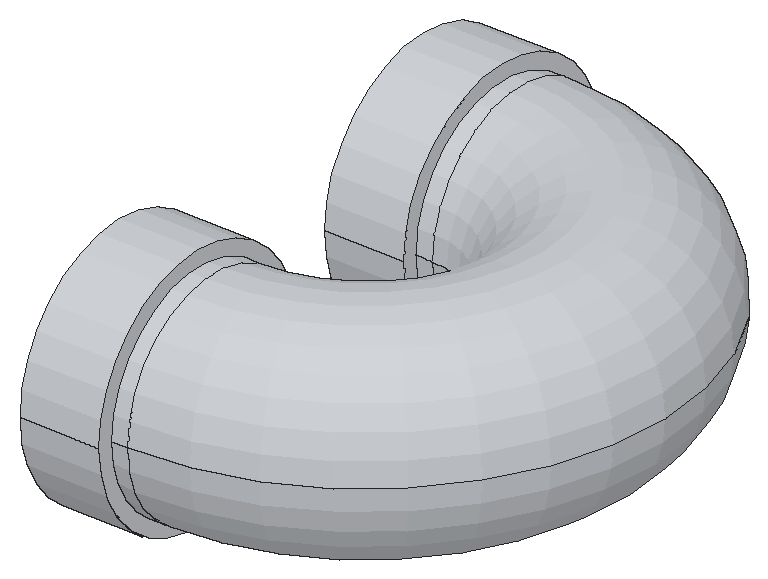
Revit family "M_Padrão aberto da curva do retorno - Rosqueada - MI - Classe 300", category Conexões de tubo, Revit 2019
Family settings
  Cota do conector redondo = Usar raio
  Tipo de parte = Múltiplas portas
  Número OmniClass = 23.60.30.11.14
  Título OmniClass = Pipework Fittings
  ID de item do Seek = Return Bend Open-Pattern - Threaded - MI - Class 300-0000-CAN-ENU
  Com base no plano de trabalho = Não
  Sempre na vertical = Sim
  Corte com vazios quando carregada = Não
  Compartilhado = Não
Parameters (values of type "Padrão")
  Tamanho da marca de revisão [instance] = Diâmetro externo da conexão * 0.4  # 17.44 mm
  Comprimento da rosca [instance] = size_lookup(Nome da tabela de pesquisa, "TLgt", 0.24 * Diâmetro nominal + 12.998 mm, Diâmetro nominal)  # 19.1 mm
  Raio nominal [instance] = 12.5 mm
  Diâmetro nominal [instance] = Raio nominal * 2  # 25 mm
  Espessura do Metal [instance] = size_lookup(Nome da tabela de pesquisa, "MThk", 0.06 * Diâmetro nominal + 3.671 mm, Diâmetro nominal)  # 5.1 mm
  Método de perda = Não definido
  Nome da tabela de pesquisa = "M_Return Bend Open-Pattern - Threaded - MI - Class 300"
  Comprimento 1 [instance] = Diâmetro interno da conexão + 2 * Espessura do Metal + 3.175 mm  # 46.775 mm
  Meio centro ao centro [instance] = 0.5 * Centro ao centro  # 38.1 mm
  Raio externo da conexão [instance] = Diâmetro externo da conexão / 2  # 21.8 mm
  Diâmetro externo da conexão [instance] = Diâmetro interno da conexão + Espessura do Metal * 2  # 43.6 mm
  Diâmetro interno da conexão [instance] = size_lookup(Nome da tabela de pesquisa, "FID", 1.05 * Diâmetro nominal + 7.541 mm, Diâmetro nominal)  # 33.4 mm
  Centro ao centro [instance] = if(Centro ao centro 1 > Diâmetro interno da conexão + 2 * Espessura do Metal, Centro ao centro 1, Comprimento 1)  # 76.2 mm
  Centro ao centro 1 [instance] = size_lookup(Nome da tabela de pesquisa, "CtC", 5.57 * Diâmetro nominal - 77.589 mm, Diâmetro nominal)  # 76.2 mm
  Largura da fita [instance] = size_lookup(Nome da tabela de pesquisa, "BWid", 0.21 * Diâmetro nominal + 10.517 mm, Diâmetro nominal)  # 15.8 mm
  Raio externo da fita [instance] = Diâmetro externo da fita / 2  # 24.75 mm
  Diâmetro externo da fita 1 [instance] = size_lookup(Nome da tabela de pesquisa, "BOD", 1.31 * Diâmetro nominal + 17.165 mm, Diâmetro nominal)  # 49.5 mm
  Diâmetro externo da fita [instance] = if(Diâmetro externo da fita 1 > Centro ao centro, Centro ao centro - 1.587 mm, Diâmetro externo da fita 1)  # 49.5 mm
Reference planes
  plane 1 "Centro (Frente/Trás)": y = 0
  plane 2: z = 0
  plane 3 "Centro (Esquerda/Direita)": x = 0
  plane 4: y = -76.2
  plane 5: x = 15.8
  plane 6: x = 19.1
  plane 7: y = -38.1
Forms (mm)
  Sweep 1, solid, detail levels fine
    path origin (0, 0, 0) x (1, 0, 0) y (0, 1, 0)
      loop
        line (0, 0) -> (15.8, 0)
    profile origin (7.9, 0, 0) x (0, 1, 0) y (0, 0, 1)
      loop
        circle (0, 0) r 24.75
  Sweep 2, solid, detail levels fine
    path origin (0, 0, 0) x (1, 0, 0) y (0, 1, 0)
      loop
        line (0, -76.2) -> (15.8, -76.2)
    profile origin (7.9, -76.2, 0) x (0, 1, 0) y (0, 0, 1)
      loop
        circle (0, 0) r 24.75
  Sweep 3, solid, detail levels fine
    path origin (0, 0, 0) x (1, 0, 0) y (0, 1, 0)
      loop
        line (15.8, 0) -> (19.1, 0)
        arc (19.1, 0) -> (57.2, -38.1) -> (19.1, -76.2) r 38.1
        line (19.1, -76.2) -> (15.8, -76.2)
    profile origin (57.2, -38.1, 0) x (1, 0, 0) y (0, 0, 1)
      loop
        circle (0, 0) r 21.8
Cuts and joins
  joined: Sweep 1, Sweep 2, Sweep 3
Lines and regions (mm)
  model lines, detail levels coarse+medium
    curve 1: line (0, -76.2, 0) -> (19.1, -76.2, 0)
    curve 2: line (0, 0, 0) -> (19.1, 0, 0)
    curve 3: arc (19.1, 0, 0) -> (57.2, -38.1, 0) -> (19.1, -76.2, 0) r 38.1
    curve 4: line (0, 17.44, 0) -> (0, -17.44, 0)
    curve 5: line (0, -58.76, 0) -> (0, -93.64, 0)
Dimensions and locks
  "Centro ao centro": plane 4 to plane 1 "Centro (Frente/Trás)"
  "Largura da fita": plane 3 "Centro (Esquerda/Direita)" to plane 5
  "Comprimento da rosca": plane 3 "Centro (Esquerda/Direita)" to plane 6
  equal spacing: plane 4, plane 7, plane 1 "Centro (Frente/Trás)"
  "Tamanho da marca de revisão": curve 4 to curve 2  (x2)
  "Tamanho da marca de revisão": curve 5 to curve 1
  "Tamanho da marca de revisão": curve 1 to curve 5
  "Raio externo da fita": radius of Sweep 1 sketch curve
  "Raio externo da fita": radius of Sweep 2 sketch curve
  "Meio centro ao centro": radius of Sweep 3 sketch curve
  "Raio externo da conexão": radius of Sweep 3 sketch curve
  "Meio centro ao centro": radius of curve 3
  aligned and locked: plane 3 "Centro (Esquerda/Direita)" to Sweep 1 sketch curve
  aligned and locked: plane 5 to Sweep 1 sketch curve
  aligned and locked: plane 1 "Centro (Frente/Trás)" to Sweep 1 sketch curve  (x2)
  aligned and locked: plane 2 to Sweep 1 sketch curve
  aligned and locked: plane 3 "Centro (Esquerda/Direita)" to Sweep 2 sketch curve
  aligned and locked: Sweep 2 sketch curve to plane 4
  aligned and locked: plane 2 to Sweep 2 sketch curve
  aligned and locked: plane 4 to Sweep 2 sketch curve
  aligned and locked: plane 7 to Sweep 3 sketch curve
  aligned and locked: plane 6 to Sweep 3 sketch curve
  aligned and locked: Sweep 1 to Sweep 3 sketch curve
  aligned and locked: plane 1 "Centro (Frente/Trás)" to Sweep 3 sketch curve
  aligned and locked: Sweep 2 to Sweep 3 sketch curve
  aligned and locked: Sweep 3 sketch curve to plane 4
  aligned and locked: plane 7 to curve 3
  aligned and locked: plane 6 to curve 3
  aligned and locked: plane 1 "Centro (Frente/Trás)" to curve 2
  aligned and locked: curve 1 to plane 4
  aligned and locked: curve 4 to plane 3 "Centro (Esquerda/Direita)"
  aligned and locked: curve 5 to plane 3 "Centro (Esquerda/Direita)"
  aligned and locked: plane 6 to curve 2
  aligned and locked: plane 6 to curve 1
Automatic sketch dimensions
  Sweep 2 sketch curve to plane 5 = 0 mm
  Sweep 3 sketch curve to level = 0 mm
  profile plane to Sweep 3 sketch curve = 0 mm
Connectors
  piping at (0, 0, 0), diameter 25, driven by "Raio nominal"
    settings: on Sweep 1, index 1, connector inside diameter 25 mm, connector length 0 mm, flow factor 0, pipe flow 0.0 L/s, pressure drop 0.0 Pa, fitting loss kfactor 0, connector angle 0.00°, fixture units 0, engagement length 0 mm, angle of deflection 0.00°, flow configuration 0, flow direction 0, fitting loss method 0, system type 28, joint type 0, gender type 0, connector reference index 2, connector utility 0, adjustable connector no, is connector primary yes, connector description ""
  piping at (0, -76.2, 0), diameter 25, driven by "Raio nominal"
    settings: on Sweep 2, index 2, connector inside diameter 25 mm, connector length 0 mm, flow factor 0, pipe flow 0.0 L/s, pressure drop 0.0 Pa, fitting loss kfactor 0, connector angle 0.00°, fixture units 0, engagement length 0 mm, angle of deflection 0.00°, flow configuration 0, flow direction 0, fitting loss method 0, system type 28, joint type 0, gender type 0, connector reference index 1, connector utility 0, adjustable connector no, is connector primary no, connector description ""
